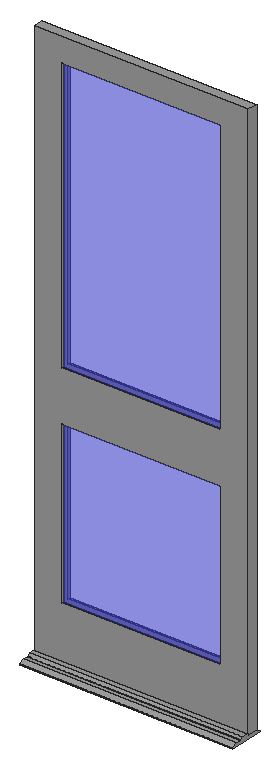
Revit family "MSD-375 DOOR-1-SF_v04", category Curtain Panels, Revit 2015
Parameters
  Width [instance] = 3' - 2"
  URL = "obe.com\r\nobe.com"
  Rough Width [instance] = 3' - 3"
  Offset [instance] = 0' - 1"
  Model = "MSD-375 DOOR"
  Min-Max Rough Width [instance] = if(and((Rough Width > 3' 2 1/4"), (Rough Width < 3' 6 1/256")), Rough Width - 0' 2 1/4", 3' 0")  # 3' - 0 3/4"
  Manufacturer = "Oldcastle BuildingEnvelope®"
  Keynote = "08 11 00"
  Hinge [instance] = yes
  Height [instance] = 8' - 0"
  Pushbar Height [instance] = 3' - 5 1/4"  # constant formula
  Glass Material = Glass
  Frame Material = Aluminum
  Door Panel Height [instance] = Height + 0' 0 1/2"  # 8' - 0 1/2"
  Description = "MSD-375 - 1\" Door Infill"
  Assembly Code = "B2030\r\n"
  Analytic Construction = "<None>"
  8 Muntin [instance] = not([6.5 Muntin])  # no
  6.5 Muntin [instance] = yes
Reference planes (in)
  plane 1 "Front": y = 0
  plane 2: z = 0
  plane 3 "Center (Left/Right)": x = 0
  plane 4 "Left": x = -19
  plane 5 "Right": x = 19
  plane 6 "Top": z = 96
  plane 7: x = 18.375
  plane 8: x = -18.375
Text (in)
  text "Exterior" at (-54.29358, 31.38743, 0), in view "Ref. Level"
  text "Exterior" at (480, 41.53993, 89.60405), in view "Right"
  text "Exterior" at (-240, 57.82419, 105.78864), in view "Left"
Dimensions and locks (in)
  equal spacing: plane 4 "Left", plane 3 "Center (Left/Right)", plane 5 "Right"
  "Width": plane 4 "Left" to plane 5 "Right"
  "Height": plane 6 "Top" to plane 2
  equal spacing: plane 8, plane 3 "Center (Left/Right)", plane 7
  "Min-Max Rough Width": plane 8 to plane 7
  aligned and locked: level to plane 2
  aligned and locked: plane 3 "Center (Left/Right)" to nested 1
  aligned and locked: plane 1 "Front" to nested 1
Nested families (in)
  nested 1: "MSD-375 DOOR-1-Panel_v03" at (0, -31, 0), Frame Material <- "Frame Material", Glass Material <- "Glass Material", 8 Muntin <- "8 Muntin", Hinge <- "Hinge", 6.5 Muntin <- "6.5 Muntin", Width <- "Min-Max Rough Width", Height <- "Door Panel Height", Offset <- "Offset", type "MSD-375 DOOR-1-Panel_v03"
    with built-in parameter 1001301 3' - 0 3/4", Pushbar Height 3' - 5 1/4", Offset 0' - 1", Hinge yes, built-in parameter 1001300 8' - 0 1/2", Glass at Muntin 0' - 6 15/16", Glass Material Glass, Frame Material Aluminum, 8 Muntin no, 6.5 Muntin yes
Definition of nested family "MSD-375 DOOR-1-Panel_v03"
  Parameters (values of type "MSD-375 DOOR-1-Panel_v03")
    Width [instance] = 3' - 0"
    Pushbar Height [instance] = 3' - 5 1/4"  # constant formula
    Offset [instance] = 0' - 2"
    Hinge [instance] = yes
    Height [instance] = 7' - 0"
    Glass at Muntin [instance] = if([6.5 Muntin], 0' 6 15/16", 0' 8 7/16")  # 0' - 6 15/16"
    Glass Material [instance] = none
    Frame Material [instance] = none
    Analytic Construction = "<None>"
    8 Muntin [instance] = not([6.5 Muntin])  # no
    6.5 Muntin [instance] = yes
  Reference planes (in)
    plane 1 "00": y = 28.04297
    plane 2: z = 0
    plane 3 "Center (Left/Right)": x = 0
    plane 4: z = 84
    plane 5: x = -18
    plane 6: x = 18
    plane 7 "Center (Front/Back)": y = 31
    plane 8 "Exterior": y = 28.32422
    plane 9: z = 42
    plane 10: z = 80.96875
    plane 11: z = 80.281
    plane 12: z = 8.90625
    plane 13: z = 37.78125
    plane 14: z = 44.71875
    plane 15: x = -14.031
    plane 16: x = 13.77845
    plane 17 "Offset": y = 29
    plane 18: z = 41.25
  Forms (in)
    Sweep 1, solid, material <- "Frame Material"
      path origin (0, 28.04297, 0) x (1, 0, 0) y (0, 0, 1)
        loop
          line (-17.891, 84) -> (17.63845, 84)
      profile origin (-0.12627, 28.04297, 84) x (0, 0, 1) y (0, -1, 0)
        loop
          line (-4.50328, -0.957) -> (-0.50328, -0.957) -> (-0.50328, 0.793) -> (-4.50328, 0.793) -> (-4.50328, 0.5) -> (-3.719, 0.5) -> (-3.719, -0.5) -> (-4.50328, -0.5) -> (-4.50328, -0.957)
    Sweep 2, solid, material <- "Frame Material"
      path origin (0, 28.04297, 0) x (1, 0, 0) y (0, 0, 1)
        loop
          line (17.63845, 0) -> (-17.891, 0)
      profile origin (-0.12627, 28.04297, 0) x (0, 0, -1) y (0, -1, 0)
        loop
          line (-9.6875, -0.957) -> (-0.6875, -0.957) -> (-0.6875, 0.793) -> (-9.6875, 0.793) -> (-9.6875, 0.5) -> (-8.9065, 0.5) -> (-8.9065, -0.5) -> (-9.6875, -0.5) -> (-9.6875, -0.957)
        loop
          line (-0.125, -1.707) -> (0, -1.707) -> (0, 3.918) -> (-0.125, 3.918) -> (-0.5, 3.168) -> (-0.5, 2.3005) -> (-0.562, 2.3005) -> (-0.844, 1.8115) -> (-0.844, 0.8165) -> (-0.5, 0.8165) -> (-0.5, -0.957) -> (-0.125, -1.707)
    Sweep 3, solid, material <- "Frame Material"
      path origin (0, 28.04297, 0) x (1, 0, 0) y (0, 0, 1)
        loop
          line (18, 83.49672) -> (18, 0.6875)
      profile origin (18, 28.04297, 42.09211) x (0, -1, 0) y (1, 0, 0)
        loop
          line (-0.957, -5.00255) -> (-0.5, -5.00255) -> (-0.5, -4.22155) -> (0.5, -4.22155) -> (0.5, -5.00255) -> (0.793, -5.00255) -> (0.793, -0.36155) -> (-0.957, -0.25255) -> (-0.957, -5.00255)
    Sweep 4, solid, material <- "Frame Material"
      path origin (0, 28.04297, 0) x (1, 0, 0) y (0, 0, 1)
        loop
          line (-18, 83.49672) -> (-18, 0.6875)
      profile origin (-18, 28.04297, 42.09211) x (0, -1, 0) y (1, 0, 0)
        loop
          line (-0.957, 0) -> (0.793, 0.109) -> (0.793, 4.75) -> (0.5, 4.75) -> (0.5, 3.969) -> (-0.5, 3.969) -> (-0.5, 4.75) -> (-0.957, 4.75) -> (-0.957, 0)
    Sweep 5, solid, material <- "Frame Material"
      path origin (0, 28.04297, 0) x (1, 0, 0) y (0, 0, 1)
        loop
          line (17.63845, 42) -> (-17.891, 42)
      profile origin (-0.12627, 28.04297, 42) x (0, 0, -1) y (0, -1, 0)
        loop
          line (5.00025, -0.957) -> (5.00025, -0.5) -> (4.21875, -0.5) -> (4.21875, 0.5) -> (5.00025, 0.5) -> (5.00025, 0.793) -> (-3.49975, 0.793) -> (-3.49975, 0.5) -> (-2.71875, 0.5) -> (-2.71875, -0.50555) -> (-3.49975, -0.50555) -> (-3.49975, -0.957) -> (5.00025, -0.957)
    Extrusion 6, solid, material <- "Glass Material", detail levels coarse
      sketch origin (0, 0, 0) x (1, 0, 0) y (0, 1, 0)
        loop
          line (-14.031, 28.54297) -> (-14.031, 27.54297) -> (13.77845, 27.54297) -> (13.77845, 28.54297) -> (-14.031, 28.54297)
      from 44.71875 to 80.281
    Extrusion 7, solid, material <- "Glass Material", detail levels medium+fine
      sketch origin (0, 0, 0) x (1, 0, 0) y (0, 1, 0)
        loop
          line (13.77845, 28.54297) -> (-14.031, 28.54297) -> (-14.031, 28.34297) -> (13.77845, 28.34297) -> (13.77845, 28.54297)
        loop
          line (-14.031, 27.97297) -> (-14.031, 27.77297) -> (13.77845, 27.77297) -> (13.77845, 27.97297) -> (-14.031, 27.97297)
        loop
          line (13.77845, 27.74297) -> (-14.031, 27.74297) -> (-14.031, 27.54297) -> (13.77845, 27.54297) -> (13.77845, 27.74297)
      from 44.71875 to 80.281
    Extrusion 8, solid, material <- "Glass Material", detail levels coarse
      sketch origin (0, 0, 0) x (1, 0, 0) y (0, 1, 0)
        loop
          line (-14.031, 28.54297) -> (-14.031, 27.54297) -> (13.77845, 27.54297) -> (13.77845, 28.54297) -> (-14.031, 28.54297)
      from 8.90625 to 37.78125
    Extrusion 9, solid, material <- "Glass Material", detail levels medium+fine
      sketch origin (0, 0, 0) x (1, 0, 0) y (0, 1, 0)
        loop
          line (13.77845, 28.54297) -> (-14.031, 28.54297) -> (-14.031, 28.34297) -> (13.77845, 28.34297) -> (13.77845, 28.54297)
        loop
          line (-14.031, 27.97297) -> (-14.031, 27.77297) -> (13.77845, 27.77297) -> (13.77845, 27.97297) -> (-14.031, 27.97297)
        loop
          line (13.77845, 27.74297) -> (-14.031, 27.74297) -> (-14.031, 27.54297) -> (13.77845, 27.54297) -> (13.77845, 27.74297)
      from 8.90625 to 37.78125
  Cuts and joins
    joined: Sweep 1, Sweep 2, Sweep 3, Sweep 4, Sweep 5
  Lines and regions (in)
    model lines
      curve 1: line (13.36845, 28.32422, 79.871) -> (-13.621, 28.32422, 42)
      curve 2: line (-13.621, 28.32422, 42) -> (13.36845, 28.32422, 9.4375)
  Dimensions and locks (in)
    equal spacing: level, plane 9, plane 4
    locked: Sweep 3 sketch curve to plane 4 at 0.50328
    locked: Sweep 4 sketch curve to plane 4 at 0.50328
    locked: plane 4 to plane 10 at 3.03125
    Extrusion 6 sketch curve to plane 1 "00" to Extrusion 6 sketch curve = 0' - 0 1/2" locked, 0' - 0 1/2" locked
    "Glass at Muntin": plane 13 to plane 14
    locked: plane 11 to plane 4 at 3.719
    plane 12 to plane 2 = 0' - 8 29/32"
    "Height": plane 4 to plane 2
    locked: plane 5 to plane 15 at 3.969
    locked: plane 16 to plane 6 at 4.22155
    locked: plane 6 to Sweep 2 sketch curve at 0.36155
    equal spacing: plane 5, plane 3 "Center (Left/Right)", plane 6
    "Width": plane 5 to plane 6
    locked: plane 6 to Sweep 5 sketch curve at 0.36155
    locked: plane 6 to Sweep 1 sketch curve at 0.36155
    locked: plane 14 to Sweep 5 sketch curve at 0.781  (x2)
    locked: Sweep 5 sketch curve to plane 13 at 0.7815
    locked: plane 13 to Sweep 5 sketch curve at 0.7815
    plane 1 "00" to plane 8 "Exterior" to plane 17 "Offset" = 0' - 0 9/32" locked, 0' - 0 173/256" locked
    "Offset": plane 17 "Offset" to plane 7 "Center (Front/Back)"
    locked: Sweep 2 sketch curve to plane 5 at 0.109
    locked: Sweep 5 sketch curve to plane 5 at 0.109
    locked: Sweep 1 sketch curve to plane 5 at 0.109
    equal spacing: plane 13, plane 18, plane 14
    "Pushbar Height": plane 2 to plane 18
    Extrusion 8 sketch curve to Extrusion 8 sketch curve to plane 17 "Offset" = 0' - 1" locked, 0' - 0 117/256" locked
    Extrusion 7 sketch curve to Extrusion 7 sketch curve to Extrusion 7 sketch curve to Extrusion 7 sketch curve to Extrusion 7 sketch curve to Extrusion 7 sketch curve to plane 17 "Offset" = 0' - 0.2" locked, 0' - 0.03" locked, 0' - 0.2" locked, 0' - 0.37" locked, 0' - 0.2" locked, 0' - 0 117/256" locked
    Extrusion 9 sketch curve to Extrusion 9 sketch curve to Extrusion 9 sketch curve to Extrusion 9 sketch curve to Extrusion 9 sketch curve to Extrusion 9 sketch curve to plane 17 "Offset" = 0' - 0.2" locked, 0' - 0.03" locked, 0' - 0.2" locked, 0' - 0.37" locked, 0' - 0.2" locked, 0' - 0 117/256" locked
    locked: plane 2 to Sweep 3 sketch curve at 0.6875
    locked: plane 2 to Sweep 4 sketch curve at 0.6875
    aligned and locked: plane 2 to level
    aligned and locked: Sweep 1 sketch curve to plane 4
    aligned and locked: Sweep 2 sketch curve to level
    aligned and locked: Sweep 5 sketch curve to plane 9
    aligned and locked: plane 11 to Extrusion 7
    aligned and locked: plane 11 to Extrusion 6
    aligned and locked: plane 14 to Extrusion 7
    aligned and locked: plane 14 to Extrusion 6
    aligned and locked: Extrusion 8 to plane 13
    aligned and locked: Extrusion 9 to plane 13
    aligned and locked: plane 12 to Extrusion 9
    aligned and locked: plane 12 to Extrusion 8
    aligned and locked: Sweep 3 sketch curve to plane 6
    aligned and locked: Sweep 4 sketch curve to plane 5
    aligned and locked: plane 16 to Extrusion 6 sketch curve
    aligned and locked: Extrusion 6 sketch curve to plane 15
    aligned and locked: Extrusion 8 sketch curve to plane 15
    aligned and locked: plane 16 to Extrusion 8 sketch curve
    aligned and locked: plane 16 to Extrusion 9  (x3)
    aligned and locked: Extrusion 9 to plane 15  (x2)
  Automatic sketch dimensions
    curve 2 to plane 9 = 0' - 0"
    curve 2 to plane 16 = 0' - 0.41"
    curve 1 to plane 16 = 0' - 0.41"
    curve 2 to plane 12 = 0' - 0 17/32"
    plane 11 to curve 1 = 0' - 0.41"
    plane 15 to curve 2 = 0' - 0.41"
    profile plane to Sweep 3 sketch curve = 0' - 0.25255"
    Sweep 3 sketch curve to plane 1 "00" = 0' - 0.957"
    Sweep 3 sketch curve to Sweep 3 sketch curve = 0' - 0.457"
    plane 1 "00" to Sweep 3 sketch curve = 0' - 0 1/2"
    Sweep 3 sketch curve to Sweep 3 sketch curve = 0' - 0.293"
    profile plane to Sweep 3 sketch curve = 0' - 0.36155"
    Sweep 3 sketch curve to Sweep 3 sketch curve = 0' - 3.86"
    Sweep 3 sketch curve to Sweep 3 sketch curve = 0' - 0.781"  (x2)
    Sweep 4 sketch curve to profile plane = 0' - 0"
    Sweep 4 sketch curve to plane 1 "00" = 0' - 0.957"
    Sweep 4 sketch curve to Sweep 4 sketch curve = 0' - 0.457"
    plane 1 "00" to Sweep 4 sketch curve = 0' - 0 1/2"
    Sweep 4 sketch curve to Sweep 4 sketch curve = 0' - 0.293"
    Sweep 4 sketch curve to profile plane = 0' - 0.109"
    Sweep 4 sketch curve to Sweep 4 sketch curve = 0' - 3.86"
    Sweep 4 sketch curve to Sweep 4 sketch curve = 0' - 0.781"  (x2)
    Sweep 1 sketch curve to plane 1 "00" = 0' - 0.957"
    profile plane to Sweep 1 sketch curve = 0' - 4.50328"
    Sweep 1 sketch curve to Sweep 1 sketch curve = 0' - 0"
    Sweep 1 sketch curve to Sweep 1 sketch curve = 0' - 0.78428"
    profile plane to Sweep 1 sketch curve = 0' - 0.50328"
    Sweep 1 sketch curve to Sweep 1 sketch curve = 0' - 0.457"
    plane 1 "00" to Sweep 1 sketch curve = 0' - 0 1/2"
    Sweep 1 sketch curve to Sweep 1 sketch curve = 0' - 0.293"
    Sweep 5 sketch curve to Sweep 5 sketch curve = 0' - 0.781"
    Sweep 5 sketch curve to Sweep 5 sketch curve = 0' - 0.7815"
    Sweep 5 sketch curve to plane 1 "00" = 0' - 0.957"
    Sweep 5 sketch curve to plane 1 "00" = 0' - 0.50555"
    Sweep 5 sketch curve to plane 1 "00" = 0' - 0 1/2"
    plane 1 "00" to Sweep 5 sketch curve = 0' - 0 1/2"  (x2)
    Sweep 5 sketch curve to Sweep 5 sketch curve = 0' - 0.293"
    Sweep 2 sketch curve to profile plane = 0' - 0"
    Sweep 2 sketch curve to Sweep 2 sketch curve = 0' - 0.282"
    plane 1 "00" to Sweep 2 sketch curve = 0' - 0 1/2"
    Sweep 2 sketch curve to Sweep 2 sketch curve = 0' - 8.8435"
    Sweep 2 sketch curve to Sweep 2 sketch curve = 0' - 0"  (x2)
    Sweep 2 sketch curve to Sweep 2 sketch curve = 0' - 1.0185"
    Sweep 2 sketch curve to Sweep 2 sketch curve = 0' - 0.489"
    profile plane to Sweep 2 sketch curve = 0' - 0 1/8"  (x2)
    profile plane to Sweep 2 sketch curve = 0' - 0 1/2"
    Sweep 2 sketch curve to Sweep 2 sketch curve = 0' - 0.062"
    Sweep 2 sketch curve to Sweep 2 sketch curve = 0' - 0.781"
    Sweep 2 sketch curve to plane 1 "00" = 0' - 0 1/2"
    Sweep 2 sketch curve to Sweep 2 sketch curve = 0' - 0 3/4"  (x2)
    Sweep 2 sketch curve to Sweep 2 sketch curve = 0' - 0.457"
    Sweep 2 sketch curve to Sweep 2 sketch curve = 0' - 0.8675"
    Sweep 2 sketch curve to Sweep 2 sketch curve = 0' - 0.293"
    plane 15 to Extrusion 7 sketch curve = 0' - 0"  (x2)
    Extrusion 7 sketch curve to Extrusion 7 sketch curve = 0' - 0"
    Extrusion 7 sketch curve to plane 16 = 0' - 0"  (x3)
    Extrusion 9 sketch curve to plane 15 = 0' - 0"  (x3)
    Extrusion 9 sketch curve to plane 16 = 0' - 0"  (x3)
    Sweep 2 sketch curve to Sweep 2 sketch curve = 0' - 0.1565"
    Sweep 2 sketch curve to Sweep 2 sketch curve = 0' - 0 3/16"
    Sweep 2 sketch curve to Sweep 2 sketch curve = 0' - 0.0235"
